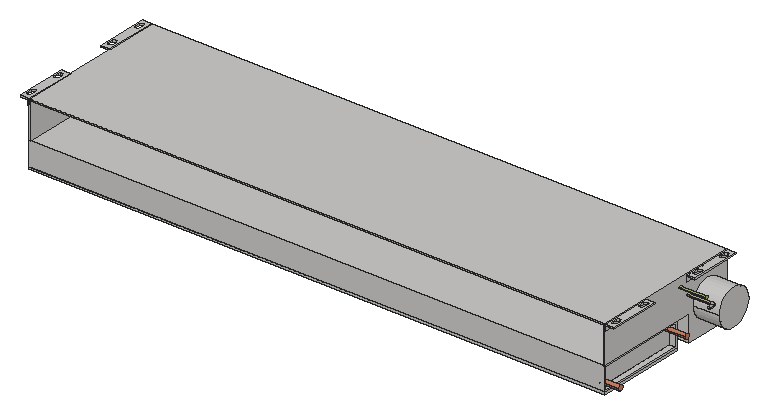
Revit family "HVAC-Chilled_Beam-Dadanco-ACB10", category Mechanical Equipment, Revit 2015 (continued)
Dimensions and locks (in)
  aligned and locked: Sweep 18 to plane 10 "Right Face"
  aligned and locked: plane 12 "Right End of Coil" to Extrusion 19
  aligned and locked: plane 12 "Right End of Coil" to Extrusion 21
  aligned and locked: plane 12 "Right End of Coil" to Extrusion 22
  aligned and locked: plane 12 "Right End of Coil" to Extrusion 20
  aligned and locked: plane 10 "Right Face" to Extrusion 13
  aligned and locked: plane 9 "Left Face" to Extrusion 23
  aligned and locked: plane 22 "Side Air Inlet Centerline Vertical" to Extrusion 23 sketch curve
  aligned and locked: plane 2 "Center of Unit Height" to Extrusion 23 sketch curve
  aligned and locked: profile plane to Sweep 25 sketch curve
  aligned and locked: Extrusion 26 to plane 11 "Left End of Coil"
  aligned and locked: Extrusion 28 to plane 11 "Left End of Coil"
  aligned and locked: Extrusion 29 to plane 11 "Left End of Coil"
  aligned and locked: Extrusion 27 to plane 11 "Left End of Coil"
  aligned and locked: Sweep 25 to plane 9 "Left Face"
  aligned and locked: plane 9 "Left Face" to Extrusion 24
  aligned and locked: plane 4 "Nominal Right" to curve 15
  aligned and locked: curve 15 to Extrusion 30 sketch curve
  aligned and locked: curve 16 to Extrusion 30 sketch curve
  aligned and locked: plane 20 "Drain Pan Front Edge" to Extrusion 30
  aligned and locked: Masking region 1 sketch curve to cut or joined group of Extrusion 8, Extrusion 9, Extrusion 10, Extrusion 11  (x3)
  aligned and locked: nested 1 to Masking region 1 sketch curve
  aligned and locked: plane 9 "Left Face" to Masking region 2 sketch curve
  aligned and locked: plane 6 "Front Face" to Masking region 2 sketch curve
  aligned and locked: Masking region 2 sketch curve to nested 3
  aligned and locked: plane 10 "Right Face" to Masking region 2 sketch curve
  aligned and locked: Masking region 3 sketch curve to cut or joined group of Extrusion 1, Extrusion 4, Extrusion 7  (x2)
  aligned and locked: Masking region 3 sketch curve to nested 1  (x2)
  aligned and locked: plane 4 "Nominal Right" to Masking region 4 sketch curve
  aligned and locked: plane 6 "Front Face" to Masking region 4 sketch curve
  aligned and locked: Masking region 4 sketch curve to nested 2
  aligned and locked: plane 10 "Right Face" to Masking region 4 sketch curve
  aligned and locked: plane 6 "Front Face" to Masking region 5 sketch curve
  aligned and locked: nested 4 to Masking region 5 sketch curve
  aligned and locked: Masking region 5 sketch curve to nested 4
  aligned and locked: Masking region 5 sketch curve to plane 8 "Nominal Left"
  aligned and locked: Masking region 6 sketch curve to curve 12
  aligned and locked: Masking region 6 sketch curve to Extrusion 14  (x2)
  aligned and locked: curve 11 to Masking region 6 sketch curve
  aligned and locked: Masking region 7 sketch curve to plane 20 "Drain Pan Front Edge"
  aligned and locked: Masking region 7 sketch curve to plane 18 "Drain Pan Right End"
  aligned and locked: plane 19 "Drain Pan Back Edge" to Masking region 7 sketch curve
  aligned and locked: plane 17 "Drain Pan Left End" to Masking region 7 sketch curve
  aligned and locked: Masking region 8 sketch curve to Extrusion 13  (x2)
  aligned and locked: Extrusion 23 to Masking region 9 sketch curve
  aligned and locked: Masking region 9 sketch curve to Extrusion 23
  aligned and locked: curve 18 to Extrusion 16
  aligned and locked: curve 20 to Extrusion 16
  aligned and locked: Masking region 10 sketch curve to Extrusion 30  (x2)
  aligned and locked: Masking region 11 sketch curve to Extrusion 19
  aligned and locked: plane 4 "Nominal Right" to Masking region 11 sketch curve
  aligned and locked: Masking region 12 sketch curve to Extrusion 21
  aligned and locked: plane 4 "Nominal Right" to Masking region 12 sketch curve
  aligned and locked: Masking region 13 sketch curve to Extrusion 22
  aligned and locked: plane 10 "Right Face" to Masking region 13 sketch curve
  aligned and locked: Masking region 14 sketch curve to Extrusion 20
  aligned and locked: plane 10 "Right Face" to Masking region 14 sketch curve
  aligned and locked: Masking region 15 sketch curve to Extrusion 17  (x2)
  aligned and locked: plane 15 "Plenum Front Face" to Masking region 16 sketch curve
  aligned and locked: plane 10 "Right Face" to Masking region 16 sketch curve
  aligned and locked: Extrusion 26 to Masking region 17 sketch curve
  aligned and locked: plane 8 "Nominal Left" to Masking region 17 sketch curve
  aligned and locked: Extrusion 28 to Masking region 18 sketch curve
  aligned and locked: plane 8 "Nominal Left" to Masking region 18 sketch curve
  aligned and locked: Extrusion 29 to Masking region 19 sketch curve
  aligned and locked: plane 9 "Left Face" to Masking region 19 sketch curve
  aligned and locked: Extrusion 27 to Masking region 20 sketch curve
  aligned and locked: Masking region 20 sketch curve to cut or joined group of Extrusion 2, Extrusion 3, Extrusion 4
  aligned and locked: Masking region 21 sketch curve to Extrusion 24  (x2)
  aligned and locked: plane 8 "Nominal Left" to Masking region 22 sketch curve
  aligned and locked: plane 15 "Plenum Front Face" to Masking region 22 sketch curve
  aligned and locked: plane 8 "Nominal Left" to Masking region 23 sketch curve
  aligned and locked: plane 4 "Nominal Right" to Masking region 23 sketch curve
  aligned and locked: nested 4 to Masking region 23 sketch curve
  aligned and locked: plane 8 "Nominal Left" to Masking region 24 sketch curve
  aligned and locked: Masking region 24 sketch curve to nested 3  (x3)
  aligned and locked: curve 21 to nested 3
  aligned and locked: curve 23 to nested 3
  aligned and locked: curve 25 to nested 3
  aligned and locked: curve 26 to nested 3
  aligned and locked: curve 29 to nested 4
  aligned and locked: curve 30 to nested 4
  aligned and locked: curve 33 to nested 4
  aligned and locked: curve 34 to nested 4
  aligned and locked: curve 37 to nested 2
  aligned and locked: curve 38 to nested 2
  aligned and locked: curve 41 to nested 2
  aligned and locked: curve 42 to nested 2
  aligned and locked: curve 45 to nested 1
  aligned and locked: curve 46 to nested 1
  aligned and locked: curve 49 to nested 1
  aligned and locked: curve 50 to nested 1
  aligned and locked: Masking region 25 sketch curve to curve 3
  aligned and locked: Masking region 25 sketch curve to Extrusion 16
  aligned and locked: Extrusion 16 to Masking region 25 sketch curve
  aligned and locked: curve 6 to Masking region 25 sketch curve
  aligned and locked: curve 6 to Masking region 26 sketch curve
  aligned and locked: Masking region 26 sketch curve to Extrusion 15  (x2)
  aligned and locked: Masking region 26 sketch curve to curve 3
  aligned and locked: Masking region 27 sketch curve to Extrusion 13  (x2)
  aligned and locked: Extrusion 23 to Masking region 28 sketch curve
  aligned and locked: plane 9 "Left Face" to Masking region 28 sketch curve
  aligned and locked: curve 53 to Extrusion 14
  aligned and locked: curve 54 to Extrusion 14
  aligned and locked: Masking region 29 sketch curve to cut or joined group of Extrusion 8, Extrusion 9, Extrusion 10, Extrusion 11  (x3)
  aligned and locked: Masking region 29 sketch curve to plane 18 "Drain Pan Right End"
  aligned and locked: curve 59 to cut or joined group of Extrusion 8, Extrusion 9, Extrusion 10, Extrusion 11
  aligned and locked: curve 58 to cut or joined group of Extrusion 8, Extrusion 9, Extrusion 10, Extrusion 11
  aligned and locked: curve 63 to Extrusion 30
  aligned and locked: curve 64 to Extrusion 30
  aligned and locked: curve 65 to Extrusion 12
  aligned and locked: curve 66 to Extrusion 12
  aligned and locked: Masking region 30 sketch curve to Extrusion 20
  aligned and locked: plane 10 "Right Face" to Masking region 30 sketch curve
  aligned and locked: Extrusion 19 to Masking region 31 sketch curve
  aligned and locked: plane 10 "Right Face" to Masking region 31 sketch curve
  aligned and locked: Masking region 32 sketch curve to Sweep 18
  aligned and locked: Extrusion 17 to Masking region 33 sketch curve
  aligned and locked: Masking region 33 sketch curve to Extrusion 17
  aligned and locked: nested 2 to curve 67
  aligned and locked: nested 2 to plane 4 "Nominal Right"
  aligned and locked: nested 1 to nested 2
  aligned and locked: curve 70 to nested 2
  aligned and locked: curve 71 to nested 2
  aligned and locked: curve 72 to nested 4
  aligned and locked: curve 73 to plane 8 "Nominal Left"
  aligned and locked: curve 74 to nested 4
  aligned and locked: curve 75 to nested 4
  aligned and locked: curve 76 to nested 4
  aligned and locked: Extrusion 24 to Masking region 34 sketch curve
  aligned and locked: Masking region 34 sketch curve to Extrusion 24
  aligned and locked: Masking region 35 sketch curve to Sweep 25
  aligned and locked: Masking region 36 sketch curve to Extrusion 26
  aligned and locked: plane 9 "Left Face" to Masking region 36 sketch curve
  aligned and locked: Extrusion 27 to Masking region 37 sketch curve
  aligned and locked: plane 9 "Left Face" to Masking region 37 sketch curve
  aligned and locked: plane 14 "Top Face of Coil Unit" to cut or joined group of Extrusion 2, Extrusion 3, Extrusion 4
  aligned and locked: Masking region 38 sketch curve to plane 7 "Top Face"
  aligned and locked: plane 10 "Right Face" to Masking region 38 sketch curve
  aligned and locked: plane 9 "Left Face" to Masking region 38 sketch curve
  aligned and locked: plane 13 "Bottom Plenum Face" to Masking region 38 sketch curve
  aligned and locked: plane 21 "Drain Pan Bottom" to Masking region 23 sketch curve
  aligned and locked: plane 20 "Drain Pan Front Edge" to Masking region 39 sketch curve
  aligned and locked: Masking region 39 sketch curve to plane 21 "Drain Pan Bottom"
  aligned and locked: plane 7 "Top Face" to Masking region 39 sketch curve
  aligned and locked: plane 5 "Back Face" to Masking region 39 sketch curve
  aligned and locked: plane 6 "Front Face" to Masking region 40 sketch curve
  aligned and locked: plane 14 "Top Face of Coil Unit" to Masking region 40 sketch curve
  aligned and locked: Masking region 40 sketch curve to plane 16 "Back Face of Coil Unit"
  aligned and locked: Masking region 40 sketch curve to plane 13 "Bottom Plenum Face"
  aligned and locked: Masking region 41 sketch curve to plane 7 "Top Face"
  aligned and locked: Masking region 41 sketch curve to plane 5 "Back Face"
  aligned and locked: plane 13 "Bottom Plenum Face" to Masking region 41 sketch curve
  aligned and locked: plane 15 "Plenum Front Face" to Masking region 41 sketch curve
  aligned and locked: plane 14 "Top Face of Coil Unit" to Masking region 41 sketch curve
  aligned and locked: Masking region 41 sketch curve to plane 6 "Front Face"
  aligned and locked: curve 78 to nested 1
  aligned and locked: curve 79 to nested 1
  aligned and locked: curve 80 to nested 1
  aligned and locked: curve 81 to nested 2
  aligned and locked: curve 82 to nested 2
  aligned and locked: curve 83 to nested 2
  aligned and locked: Masking region 42 sketch curve to Extrusion 16  (x3)
  aligned and locked: Extrusion 16 to Masking region 42 sketch curve
  aligned and locked: Masking region 43 sketch curve to Extrusion 14  (x4)
  aligned and locked: Extrusion 15 to Masking region 44 sketch curve  (x2)
  aligned and locked: Masking region 44 sketch curve to Extrusion 15  (x2)
  aligned and locked: curve 84 to Extrusion 13
  aligned and locked: curve 85 to Extrusion 13
  aligned and locked: curve 86 to cut or joined group of Extrusion 2, Extrusion 3, Extrusion 4
  aligned and locked: curve 87 to cut or joined group of Extrusion 2, Extrusion 3, Extrusion 4
  aligned and locked: curve 88 to cut or joined group of Extrusion 2, Extrusion 3, Extrusion 4
  aligned and locked: curve 89 to cut or joined group of Extrusion 2, Extrusion 3, Extrusion 4
  aligned and locked: curve 90 to Extrusion 5
  aligned and locked: curve 91 to Extrusion 19
  aligned and locked: curve 92 to Extrusion 19
  aligned and locked: curve 93 to Extrusion 21
  aligned and locked: curve 94 to Extrusion 21
  aligned and locked: curve 95 to Extrusion 22
  aligned and locked: curve 96 to Extrusion 22
  aligned and locked: curve 97 to Extrusion 20
  aligned and locked: curve 98 to Extrusion 20
  aligned and locked: curve 99 to Extrusion 24
  aligned and locked: curve 100 to Extrusion 17
  aligned and locked: Sweep 25 to Sweep 18
  aligned and locked: cut or joined group of Extrusion 8, Extrusion 9, Extrusion 10, Extrusion 11 to Masking region 45 sketch curve
  aligned and locked: Masking region 45 sketch curve to plane 20 "Drain Pan Front Edge"
  aligned and locked: Masking region 45 sketch curve to plane 21 "Drain Pan Bottom"
  aligned and locked: plane 19 "Drain Pan Back Edge" to Masking region 45 sketch curve
  aligned and locked: Masking region 46 sketch curve to Extrusion 12  (x2)
  aligned and locked: Masking region 47 sketch curve to Extrusion 30  (x2)
  aligned and locked: plane 27 "Left Pipe Centerline Horizontal" to Extrusion 19 sketch curve
  aligned and locked: plane 27 "Left Pipe Centerline Horizontal" to Extrusion 26 sketch curve
  aligned and locked: plane 28 "Left Pipe Centerline Vertical" to Extrusion 26 sketch curve
  aligned and locked: plane 32 "Upper Pipe Centerline Horizontal" to Extrusion 21 sketch curve
  aligned and locked: plane 29 to Extrusion 28 sketch curve
  aligned and locked: plane 32 "Upper Pipe Centerline Horizontal" to Extrusion 28 sketch curve
  aligned and locked: plane 30 to Extrusion 29 sketch curve
  aligned and locked: plane 32 "Upper Pipe Centerline Horizontal" to Extrusion 22 sketch curve
  aligned and locked: plane 32 "Upper Pipe Centerline Horizontal" to Extrusion 29 sketch curve
  aligned and locked: plane 32 "Upper Pipe Centerline Horizontal" to Extrusion 20 sketch curve
  aligned and locked: plane 31 "Right Pipe Centerline Vertical" to Extrusion 27 sketch curve
  aligned and locked: plane 32 "Upper Pipe Centerline Horizontal" to Extrusion 27 sketch curve
  aligned and locked: curve 13 to Extrusion 16 sketch curve  (x2)
  aligned and locked: curve 14 to Extrusion 16 sketch curve  (x2)
  aligned and locked: curve 9 to Extrusion 16 sketch curve
  aligned and locked: curve 10 to Extrusion 16 sketch curve
Automatic sketch dimensions
  curve 9 to curve 12 = 1.21843"
  curve 10 to curve 12 = 1.21843"
  curve 11 to curve 9 = 1.28157"
  curve 11 to curve 10 = 1.28157"
  plane 19 "Drain Pan Back Edge" to curve 14 = 1/2"
  plane 19 "Drain Pan Back Edge" to curve 13 = 1/2"
  plane 19 "Drain Pan Back Edge" to curve 11 = 1/2"
  plane 19 "Drain Pan Back Edge" to curve 12 = 1/2"
  curve 11 to plane 5 "Back Face" = 1/2"
  curve 14 to plane 5 "Back Face" = 1/2"
  curve 12 to plane 5 "Back Face" = 1/2"
  curve 13 to plane 5 "Back Face" = 1/2"
  Sweep 18 sketch curve to plane 10 "Right Face" = 0"
  plane 25 "Damper Lever Centerline Vertical" to Sweep 18 sketch curve = 0.01882"
  Sweep 18 sketch curve to plane 25 "Damper Lever Centerline Vertical" = 0.35618"
  plane 24 "Comiss Tube Centerline Vertical" to Sweep 18 sketch curve = 0.36282"
  Sweep 18 sketch curve to plane 18 "Drain Pan Right End" = 5/8"
  Extrusion 24 sketch curve to plane 23 "Comiss Tube Centerline Horizontal" = 0"
  Extrusion 24 sketch curve to plane 24 "Comiss Tube Centerline Vertical" = 0"
  Sweep 25 sketch curve to plane 9 "Left Face" = 0"
  plane 25 "Damper Lever Centerline Vertical" to Sweep 25 sketch curve = 0.01882"
  Sweep 25 sketch curve to plane 25 "Damper Lever Centerline Vertical" = 0.35618"
  plane 24 "Comiss Tube Centerline Vertical" to Sweep 25 sketch curve = 0.36282"
  plane 17 "Drain Pan Left End" to Sweep 25 sketch curve = 5/8"
  Sweep 25 sketch curve to profile plane = 0"
  curve 7 to curve 3 = 0.71602"
  curve 8 to curve 3 = 0.71602"
  curve 6 to curve 7 = 0.78398"
  curve 6 to curve 8 = 0.78398"
  curve 2 to plane 11 "Left End of Coil" = 0.30499"
  plane 17 "Drain Pan Left End" to curve 2 = 1.94501"
  curve 1 to plane 21 "Drain Pan Bottom" = 1.30589"
  plane 21 "Drain Pan Bottom" to curve 1 = 2.34747"
  plane 27 "Left Pipe Centerline Horizontal" to curve 4 = 0.08541"
  plane 27 "Left Pipe Centerline Horizontal" to curve 3 = 0.08541"
  plane 27 "Left Pipe Centerline Horizontal" to curve 5 = 0.08541"
  plane 27 "Left Pipe Centerline Horizontal" to curve 6 = 0.26683"
  plane 26 "Damper Lever Centerline Horizontal" to curve 4 = 0.41041"
  plane 26 "Damper Lever Centerline Horizontal" to curve 3 = 0.41041"
  plane 26 "Damper Lever Centerline Horizontal" to curve 5 = 0.41041"
  plane 26 "Damper Lever Centerline Horizontal" to curve 6 = 0.41041"
  plane 21 "Drain Pan Bottom" to curve 15 = 1.80058"
  curve 15 to plane 21 "Drain Pan Bottom" = 1.44942"
  plane 12 "Right End of Coil" to curve 16 = 0.84439"
  curve 16 to plane 18 "Drain Pan Right End" = 1.65561"
  curve 57 to plane 17 "Drain Pan Left End" = 0"
  curve 57 to curve 57 = 1.2"
  plane 21 "Drain Pan Bottom" to curve 57 = 1.2"
  curve 60 to plane 18 "Drain Pan Right End" = 0"
  curve 60 to plane 18 "Drain Pan Right End" = 1.2"
  plane 21 "Drain Pan Bottom" to curve 60 = 1.2"
  curve 62 to plane 18 "Drain Pan Right End" = 0"
  curve 62 to curve 60 = 1/8"
  plane 17 "Drain Pan Left End" to curve 59 = 0"
  curve 58 to curve 58 = 1/8"
  Masking region 32 sketch curve to plane 18 "Drain Pan Right End" = 1.11963"
  plane 4 "Nominal Right" to curve 67 = 0"
  plane 10 "Right Face" to curve 67 = 0"
  plane 10 "Right Face" to curve 71 = 0"
  plane 10 "Right Face" to curve 77 = 0"
  curve 77 to plane 9 "Left Face" = 0"
  curve 76 to plane 9 "Left Face" = 0"
  curve 72 to plane 9 "Left Face" = 0"
  curve 77 to plane 14 "Top Face of Coil Unit" = 0"
  level to curve 70 = 1/8"
  curve 81 to plane 6 "Front Face" = 0"
  curve 90 to plane 6 "Front Face" = 0"
  curve 83 to plane 6 "Front Face" = 0"
  curve 90 to plane 16 "Back Face of Coil Unit" = 0"
  curve 79 to plane 5 "Back Face" = 0"
  curve 80 to plane 5 "Back Face" = 0"
  curve 82 to level = 0"
  curve 78 to level = 0"
  curve 102 to plane 24 "Comiss Tube Centerline Vertical" = 0.36282"
  curve 104 to plane 25 "Damper Lever Centerline Vertical" = 0.02335"
  curve 14 to curve 11 = 1"
  curve 12 to curve 13 = 1"
  curve 3 to curve 4 = 1"
  curve 5 to curve 6 = 1"
  plane 6 "Front Face" to curve 105 = 0"
  curve 107 to plane 5 "Back Face" = 0"
  curve 106 to plane 10 "Right Face" = 0"
  curve 105 to plane 9 "Left Face" = 0"
  radius of Extrusion 12 sketch curve = 1/4"
  radius of Extrusion 17 sketch curve = 1/8"
  radius of Sweep 18 sketch curve = 1/8"
  radius of Extrusion 19 sketch curve = 1/4"
  radius of Extrusion 20 sketch curve = 1/4"
  radius of Extrusion 21 sketch curve = 1/4"
  radius of Extrusion 22 sketch curve = 1/4"
  radius of Extrusion 24 sketch curve = 1/8"
  radius of Sweep 25 sketch curve = 1/8"
  radius of Extrusion 26 sketch curve = 1/4"
  radius of Extrusion 27 sketch curve = 1/4"
  radius of Extrusion 28 sketch curve = 1/4"
  radius of Extrusion 29 sketch curve = 1/4"
  radius of Extrusion 30 sketch curve = 1/4"
Nested families (in)
  nested 1: "HVAC-Chilled_Beam-Dadanco-ACB_Bracket" at (32.55581, 11.02127, 0) x (1, 0, 0) z (0, -1, 0), type "L Bracket", detail levels medium+fine
  nested 2: "HVAC-Chilled_Beam-Dadanco-ACB_Bracket" at (32.55581, -0.22873, 0) x (1, 0, 0) z (0, -1, 0), type "L Bracket", detail levels medium+fine
  nested 3: "HVAC-Chilled_Beam-Dadanco-ACB_Bracket" at (-31.44419, 11.02127, 0) x (-1, 0, 0) z (0, 1, 0), type "L Bracket", detail levels medium+fine
  nested 4: "HVAC-Chilled_Beam-Dadanco-ACB_Bracket" at (-31.44419, -0.22873, 0) x (-1, 0, 0) z (0, 1, 0), type "L Bracket", detail levels medium+fine
Connectors (in)
  hvac at (35.55581, 11.14627, -3.5), driven by "Primary Air Flow Rate", driven by "Side Air Inlet Round Radius", driven by "Primary Air Static Pressure"
    settings: on Extrusion 13, index 1, duct flow 0 CFM, flow factor 0, pres drop 0.00 in-wg, loss coef 0, conn angle 0.00°, conn width 12", conn height 12", conn diameter 4", duct sys type 1, conn prof type 0, flow config 1, flow direction 1, loss method 4, conn ref index -1, conn util no, is conn primary yes, conn desc "Primary Air Inlet Right (B)"
  hvac at (0.55581, 11.14627, 3), driven by "Primary Air Flow Rate", driven by "Oval Air Inlet Length", driven by "Oval Air Inlet Height", driven by "Primary Air Static Pressure"
    settings: on Extrusion 16, index 2, duct flow 0 CFM, flow factor 0, pres drop 0.00 in-wg, loss coef 0, conn angle 0.00°, conn width 2", conn height 5", conn diameter 24", duct sys type 1, conn prof type 1, flow config 1, flow direction 1, loss method 4, conn ref index -1, conn util no, is conn primary no, conn desc "Primary Air Inlet Top (E)"
  hvac at (0.55581, 16.89627, -3.5), driven by "Primary Air Flow Rate", driven by "Oval Air Inlet Height", driven by "Oval Air Inlet Length", driven by "Primary Air Static Pressure"
    settings: on Extrusion 14, index 3, duct flow 0 CFM, flow factor 0, pres drop 0.00 in-wg, loss coef 0, conn angle 0.00°, conn width 5", conn height 2", conn diameter 24", duct sys type 1, conn prof type 1, flow config 1, flow direction 1, loss method 4, conn ref index -1, conn util no, is conn primary no, conn desc "Primary Air Inlet Back (F)"
  hvac at (-34.44419, 11.14627, -3.5), driven by "Primary Air Flow Rate", driven by "Side Air Inlet Round Radius", driven by "Primary Air Static Pressure"
    settings: on Extrusion 23, index 4, duct flow 0 CFM, flow factor 0, pres drop 0.00 in-wg, loss coef 0, conn angle 0.00°, conn width 12", conn height 12", conn diameter 4", duct sys type 1, conn prof type 0, flow config 1, flow direction 1, loss method 4, conn ref index -1, conn util no, is conn primary no, conn desc "Primary Air Inlet Left (A)"
  hvac at (0.55581, 11.14627, -10), driven by "Primary Air Flow Rate", driven by "Oval Air Inlet Length", driven by "Oval Air Inlet Height", driven by "Primary Air Static Pressure"
    settings: on Extrusion 15, index 5, duct flow 0 CFM, flow factor 0, pres drop 0.00 in-wg, loss coef 0, conn angle 0.00°, conn width 2", conn height 5", conn diameter 24", duct sys type 1, conn prof type 1, flow config 1, flow direction 1, loss method 4, conn ref index -1, conn util no, is conn primary no, conn desc "Primary Air Inlet Bottom (D)"
  piping at (34.05581, -2.72873, -6), diameter 0.5, driven by "SCHW Flow", driven by "SCHW Pressure Drop"
    settings: on Extrusion 19, index 6, connector inside diameter 1/2", connector length 0", flow factor 0, pipe flow 0.0 GPM, pressure drop 0 Pa, fitting loss kfactor 0, connector angle 0.00°, fixture units 0, engagement length 0", angle of deflection 0.00°, flow configuration 1, flow direction 1, fitting loss method 0, system type 7, joint type 0, gender type 0, connector reference index 7, connector utility 0, adjustable connector no, is connector primary yes, connector description "SCHW Supply Right"
  piping at (34.05581, 0.39627, -4.9), diameter 0.5, driven by "SHHW Flow"
    settings: on Extrusion 21, index 7, connector inside diameter 1/2", connector length 0", flow factor 0, pipe flow 0.0 GPM, pressure drop 0 Pa, fitting loss kfactor 0, connector angle 0.00°, fixture units 0, engagement length 0", angle of deflection 0.00°, flow configuration 1, flow direction 1, fitting loss method 0, system type 7, joint type 0, gender type 0, connector reference index 6, connector utility 0, adjustable connector no, is connector primary no, connector description "SHHW Supply Right"
  piping at (34.05581, 4.14627, -4.9), diameter 0.5, driven by "SHHW Flow", driven by "SHHW Pressure Drop"
    settings: on Extrusion 22, index 8, connector inside diameter 1/2", connector length 0", flow factor 0, pipe flow 0.0 GPM, pressure drop 0 Pa, fitting loss kfactor 0, connector angle 0.00°, fixture units 0, engagement length 0", angle of deflection 0.00°, flow configuration 1, flow direction 2, fitting loss method 4, system type 8, joint type 0, gender type 0, connector reference index 9, connector utility 0, adjustable connector no, is connector primary no, connector description "SHHW Return Right"
  piping at (34.05581, 6.52127, -4.9), diameter 0.5, driven by "SCHW Flow", driven by "SCHW Pressure Drop"
    settings: on Extrusion 20, index 9, connector inside diameter 1/2", connector length 0", flow factor 0, pipe flow 0.0 GPM, pressure drop 0 Pa, fitting loss kfactor 0, connector angle 0.00°, fixture units 0, engagement length 0", angle of deflection 0.00°, flow configuration 1, flow direction 2, fitting loss method 4, system type 8, joint type 0, gender type 0, connector reference index 8, connector utility 0, adjustable connector no, is connector primary no, connector description "SCHW  Right Return"
  piping at (-32.94419, -2.72873, -6), diameter 0.5, driven by "SCHW Flow"
    settings: on Extrusion 26, index 10, connector inside diameter 1/2", connector length 0", flow factor 0, pipe flow 0.0 GPM, pressure drop 0 Pa, fitting loss kfactor 0, connector angle 0.00°, fixture units 0, engagement length 0", angle of deflection 0.00°, flow configuration 1, flow direction 1, fitting loss method 0, system type 7, joint type 0, gender type 0, connector reference index -1, connector utility 0, adjustable connector no, is connector primary no, connector description "SCHW Supply Left"
  piping at (-32.94419, 0.39627, -4.9), diameter 0.5, driven by "SHHW Flow"
    settings: on Extrusion 28, index 11, connector inside diameter 1/2", connector length 0", flow factor 0, pipe flow 0.0 GPM, pressure drop 0 Pa, fitting loss kfactor 0, connector angle 0.00°, fixture units 0, engagement length 0", angle of deflection 0.00°, flow configuration 1, flow direction 1, fitting loss method 0, system type 7, joint type 0, gender type 0, connector reference index -1, connector utility 0, adjustable connector no, is connector primary no, connector description "SHHW Supply Left"
  piping at (-32.94419, 4.14627, -4.9), diameter 0.5, driven by "SHHW Flow", driven by "SHHW Pressure Drop"
    settings: on Extrusion 29, index 12, connector inside diameter 1/2", connector length 0", flow factor 0, pipe flow 0.0 GPM, pressure drop 0 Pa, fitting loss kfactor 0, connector angle 0.00°, fixture units 0, engagement length 0", angle of deflection 0.00°, flow configuration 1, flow direction 2, fitting loss method 4, system type 8, joint type 0, gender type 0, connector reference index -1, connector utility 0, adjustable connector no, is connector primary no, connector description "SHHW Return Left"
  piping at (-32.94419, 6.52127, -4.9), diameter 0.5, driven by "SCHW Flow", driven by "SCHW Pressure Drop"
    settings: on Extrusion 27, index 13, connector inside diameter 1/2", connector length 0", flow factor 0, pipe flow 0.0 GPM, pressure drop 0 Pa, fitting loss kfactor 0, connector angle 0.00°, fixture units 0, engagement length 0", angle of deflection 0.00°, flow configuration 1, flow direction 2, fitting loss method 4, system type 8, joint type 0, gender type 0, connector reference index -1, connector utility 0, adjustable connector no, is connector primary no, connector description "SCHW Return Left"
  piping at (33.55581, -6.22873, -14.625), diameter 0.5
    settings: on Extrusion 30, index 14, connector inside diameter 1/2", connector length 0", flow factor 0, pipe flow 0.0 GPM, pressure drop 0 Pa, fitting loss kfactor 0, connector angle 0.00°, fixture units 0, engagement length 0", angle of deflection 0.00°, flow configuration 0, flow direction 2, fitting loss method 0, system type 16, joint type 0, gender type 0, connector reference index -1, connector utility 0, adjustable connector no, is connector primary no, connector description "Drain Connection Front"
  piping at (-32.44419, 10.02127, -14.625), diameter 0.5
    settings: on Extrusion 12, index 15, connector inside diameter 1/2", connector length 0", flow factor 0, pipe flow 0.0 GPM, pressure drop 0 Pa, fitting loss kfactor 0, connector angle 0.00°, fixture units 0, engagement length 0", angle of deflection 0.00°, flow configuration 0, flow direction 2, fitting loss method 0, system type 16, joint type 0, gender type 0, connector reference index -1, connector utility 0, adjustable connector no, is connector primary no, connector description "Drain Connection Back"
Definition of nested family "HVAC-Chilled_Beam-Dadanco-ACB_Bracket"
  Reference planes (in)
    plane 1 "Center (Front/Back)": y = 0
    plane 2: z = 0
    plane 3 "Center (Left/Right)": x = 0
  Forms (in)
    Extrusion 1, solid
      sketch origin (0, 0, 0) x (1, 0, 0) y (0, 1, 0)
        loop
          line (0, 0) -> (0, -0.625) -> (0.125, -0.625) -> (0.125, -0.125) -> (1, -0.125) -> (1, 0) -> (0, 0)
      from -2.875 to 2.875
    Extrusion 2, void
      sketch origin (0, 0, 0) x (1, 0, 0) y (0, 0, 1)
        loop
          arc (0.3125, 1.625) -> (0.5625, 1.375) -> (0.8125, 1.625) r 0.25
          line (0.8125, 1.625) -> (0.8125, 2.125)
          arc (0.8125, 2.125) -> (0.5625, 2.375) -> (0.3125, 2.125) r 0.25
          line (0.3125, 2.125) -> (0.3125, 1.625)
      from 0 to 0.125
    Extrusion 3, void
      sketch origin (0, 0, 0) x (1, 0, 0) y (0, 0, 1)
        loop
          line (0.3125, -1.625) -> (0.3125, -2.125)
          arc (0.3125, -2.125) -> (0.5625, -2.375) -> (0.8125, -2.125) r 0.25
          line (0.8125, -2.125) -> (0.8125, -1.625)
          arc (0.8125, -1.625) -> (0.5625, -1.375) -> (0.3125, -1.625) r 0.25
      from 0 to 0.125
  Cuts and joins
    Extrusion 2, Extrusion 3 cuts Extrusion 1
  Lines and regions (in)
    reference lines
      curve 1: line (-9.25507, 0, 2.875) -> (12.49493, 0, 2.875)
      curve 2: line (-9.25507, 0, -2.875) -> (13.49493, 0, -2.875)
  Dimensions and locks (in)
    locked: plane 3 "Center (Left/Right)" to Extrusion 1 sketch curve at 1
    locked: Extrusion 1 sketch curve to Extrusion 1 sketch curve at 0.125  (x2)
    locked: plane 1 "Center (Front/Back)" to Extrusion 1 sketch curve at 0.625
    locked: level to curve 2 at 2.875
    locked: curve 1 to level at 2.875
    aligned and locked: Extrusion 1 to curve 1
    aligned and locked: curve 2 to Extrusion 1
    aligned and locked: Extrusion 2 to plane 1 "Center (Front/Back)"
    aligned and locked: Extrusion 1 to Extrusion 2
Types (5): name | Unit Weight | Unit Length | Overall Unit Length | Nominal Unit Length | Drain Outlet Back | Drain Pan Length | Coil Length
  (no name) | "56 lb" | 64" | 66" | 72" | yes | 68" | 64"
  4' Nominal Length | "42 lb" | 40" | 42" | 48" | no | 44" | 40"
  3' Nominal Length | "35 lb" | 32" | 34" | 36" | no | 36" | 32"
  5' Nominal Length | "49 lb" | 52" | 54" | 60" | no | 56" | 52"
  6' Nominal Length | "56 lb" | 64" | 66" | 72" | yes | 68" | 64"
